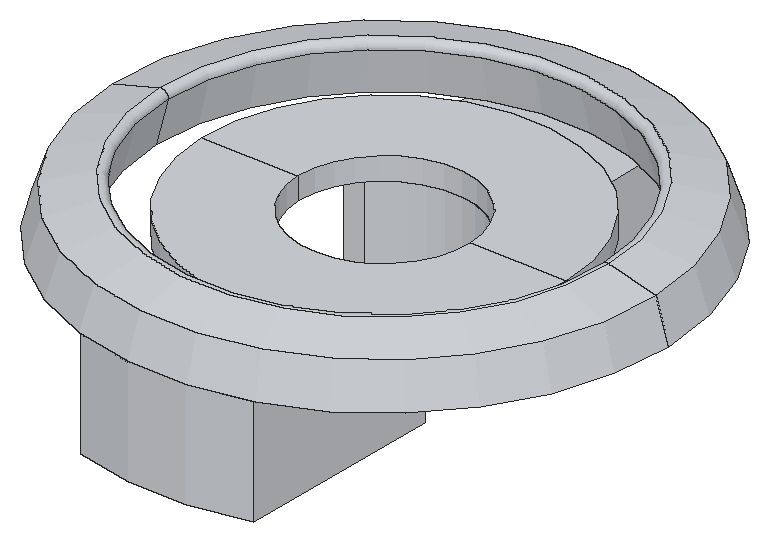
Revit family "RRRG38", category Generic Models, Revit 2018
Family settings
  Can host rebar = No
  Round Connector Dimension = Use Diameter
  Part Type = Normal
  Work Plane-Based = Yes
  Always vertical = No
  Cut with Voids When Loaded = No
  Shared = Yes
  Room Calculation Point = No
Parameters
  Gasket Material = none
  Ship Complete Level [instance] = ""
  Required Date [instance] = ""
  Job [instance] = ""
  Group/Run [instance] = ""
  Description = "Rocket Rack Hygienic Spacer Slot Gasket"
  Default Elevation = 48.000"
  Custom [instance] = ""
  Catalog Number = "RRRG38"
  Assembly Name [instance] = ""
  Assembly ID [instance] = ""
Reference planes (in)
  plane 1 "Center (Front/Back)": y = 0
  plane 2: z = 0
  plane 3 "Center (Left/Right)": x = 0
  plane 4 "tab right": x = 0.19
  plane 5 "tab left": x = -0.19
  plane 6: z = 0.25
  plane 7: z = 0.3
  plane 8: y = -0.1255
  plane 9: y = 0.1255
Forms (in)
  Revolve 1, solid, material <- "Gasket Material"
    sketch origin (0, 0, 0) x (1, 0, 0) y (0, 0, 1)
      loop
        line (0.505, 0.25) -> (0.6285, 0.25) -> (0.59868, 0.33901) -> (0.49671, 0.36634)
        arc (0.49671, 0.36634) -> (0.48248, 0.36252) -> (0.47866, 0.34829) r 0.01474
        line (0.47866, 0.34829) -> (0.505, 0.25)
      loop
        line (0.404, 0.25) -> (0.404, 0.3) -> (0.19, 0.3) -> (0.19, 0.25) -> (0.404, 0.25)
      axis (0, 0.36634) -> (0, 0.25)
    angle from 0 to 360
  Extrusion 2, solid, material <- "Gasket Material"
    sketch origin (0, 0, 0) x (1, 0, 0) y (0, 1, 0)
      loop
        line (-0.19, 0.1255) -> (-0.14265, 0.1255)
        arc (-0.14265, 0.1255) -> (0, 0.19105) -> (0.14265, 0.1255) r 0.188
        line (0.14265, 0.1255) -> (0.19, 0.1255) -> (0.19, 0.59909)
        arc (0.19, 0.59909) -> (0, 0.6285) -> (-0.19, 0.59909) r 0.6285
        line (-0.19, 0.59909) -> (-0.19, 0.1255)
    from 0 to 0.25
  Extrusion 3, solid, material <- "Gasket Material"
    sketch origin (0, 0, 0) x (1, 0, 0) y (0, 1, 0)
      loop
        line (-0.19, -0.1255) -> (-0.19, -0.59909)
        arc (-0.19, -0.59909) -> (0, -0.6285) -> (0.19, -0.59909) r 0.6285
        line (0.19, -0.59909) -> (0.19, -0.1255) -> (0.14265, -0.1255)
        arc (0.14265, -0.1255) -> (0, -0.19105) -> (-0.14265, -0.1255) r 0.188
        line (-0.14265, -0.1255) -> (-0.19, -0.1255)
    from 0 to 0.25
  Extrusion 4, void
    sketch origin (0, 0, 0) x (0, 1, 0) y (0, 0, 1)
      loop
        line (-0.1255, 0) -> (-0.65598, 0.01389) -> (-0.65598, -0.03125) -> (-0.1255, -0.03125) -> (-0.1255, 0)
      loop
        line (0.1255, 0) -> (0.1255, -0.03125) -> (0.65598, -0.03125) -> (0.65598, 0.01389) -> (0.1255, 0)
    from -0.25 to 0.25
Cuts and joins
  Extrusion 4 cuts Extrusion 3
  Extrusion 4 cuts Extrusion 2
Dimensions and locks (in)
  aligned and locked: plane 2 to level
